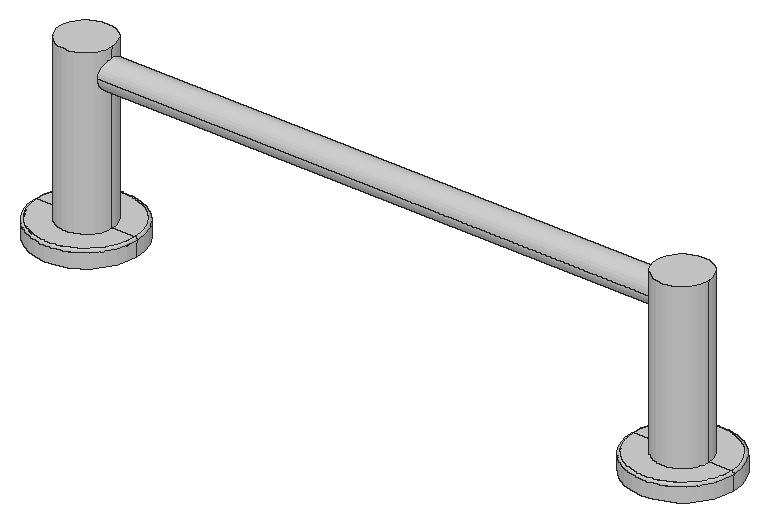
Revit family "LIANO II HAND TOWEL RAIL", category Specialty Equipment, host Face, Revit 2020
Family settings
  Host = Face
  Round Connector Dimension = Use Radius
  Part Type = Normal
  OmniClass Number = 23.40.20.21.27
  OmniClass Title = Towel Bars
  Cut with Voids When Loaded = No
  Shared = No
  Room Calculation Point = No
Parameters (values of type "LIANO II HAND TOWEL RAIL - CHROME")
  URL = "https://www.caroma.com.au/"
  Model = "96444C"
  Material_Base = GWA_Metal-Chrome
  Manufacturer = "GWA Bathrooms & Kitchens"  # constant formula
  Description = "LIANO II HAND TOWEL RAIL - CHROME"
  Default Elevation = 1000.00 mm
  CreatedBy_ANZRS = "GWA Bathrooms & Kitchens"  # constant formula
  Assembly Code = "C1030220"
Types (7, lengths in mm): name | Model | Material_Base | Description
  (no name) | "96444C" | GWA_Metal-Chrome | "LIANO II HAND TOWEL RAIL - CHROME"
  LIANO II HAND TOWEL RAIL - CHROME | "96444C" | GWA_Metal-Chrome | "LIANO II HAND TOWEL RAIL - CHROME"
  LIANO II HAND TOWEL RAIL - MATTE BLACK | "96444B" | GWA-Metal-Black | "LIANO II HAND TOWEL RAIL - MATTE BLACK"
  LIANO II HAND TOWEL RAIL - BRUSHED NICKEL | "96444BN" | GWA_Metal-Brushed-Nickel | "LIANO II HAND TOWEL RAIL - BRUSHED NICKEL"
  LIANO II HAND TOWEL RAIL - BRUSHED BRASS | "96444BB" | GWA_Metal-Brushed-Brass | "LIANO II HAND TOWEL RAIL - BRUSHED BRASS"
  LIANO II HAND TOWEL RAIL - GUNMETAL | "96444GM" | GWA-Metal-Gunmetal Grey | "LIANO II HAND TOWEL RAIL - GUNMETAL"
  LIANO II HAND TOWEL RAIL - BRUSHED BRONZE | "96444BBZ" | GWA_Metal-Brushed-Bronze | "LIANO II HAND TOWEL RAIL - BRUSHED BRONZE"
Reference planes
  plane 1 "Center (Front/Back)": y = 0
  plane 2: z = 0
  plane 3 "Center (Left/Right)": x = 0
Forms (mm)
  Revolve 1, solid, material "GWA_Metal-Chrome" <- "Material_Base"
    sketch origin (125, 0, 0) x (1, 0, 0) y (0, 0, 1)
      loop
        line (0, 7) -> (0, 0) -> (21.5, 0) -> (21.5, 6)
        arc (21.5, 6) -> (21.207, 6.707) -> (20.5, 7) r 1
        line (20.5, 7) -> (0, 7)
      axis (0, 0) -> (0, 7)
    angle from 0 to 360
  Extrusion 2, solid, material "GWA_Metal-Chrome" <- "Material_Base"
    sketch origin (125, 0, 0) x (1, 0, 0) y (0, 1, 0)
      loop
        circle (0, 0) r 11
    from 0 to 75
  Revolve 3, solid, material "GWA_Metal-Chrome" <- "Material_Base"
    sketch origin (-125, 0, 0) x (1, 0, 0) y (0, 0, 1)
      loop
        line (0, 7) -> (0, 0) -> (21.5, 0) -> (21.5, 6)
        arc (21.5, 6) -> (21.207, 6.707) -> (20.5, 7) r 1
        line (20.5, 7) -> (0, 7)
      axis (0, 0) -> (0, 7)
    angle from 0 to 360
  Extrusion 4, solid, material "GWA_Metal-Chrome" <- "Material_Base"
    sketch origin (-125, 0, 0) x (1, 0, 0) y (0, 1, 0)
      loop
        circle (0, 0) r 11
    from 0 to 75
  Extrusion 5, solid, material "GWA_Metal-Chrome" <- "Material_Base"
    sketch origin (0, 0, 0) x (0, 1, 0) y (0, 0, 1)
      loop
        circle (0, 65) r 6
    from -125 to 125
Cuts and joins
  joined: Revolve 1, Extrusion 2, Revolve 3, Extrusion 4, Extrusion 5
Lines and regions (mm)
  Masking region 1
    outline origin (0, 0, 0) x (1, 0, 0) y (0, 1, 0)
      loop
        arc (104.354, -6) -> (146.5, 0) -> (104.354, 6) r 21.5
        line (104.354, 6) -> (-104.354, 6)
        arc (-104.354, 6) -> (-146.5, 0) -> (-104.354, -6) r 21.5
        line (-104.354, -6) -> (104.354, -6)
  Masking region 2
    outline origin (0, 0, 0) x (1, 0, 0) y (0, 0, 1)
      loop
        line (145.5, 7) -> (136, 7) -> (136, 75) -> (114, 75) -> (114, 71) -> (-114, 71) -> (-114, 75) -> (-136, 75) -> (-136, 7) -> (-145.5, 7)
        arc (-145.5, 7) -> (-146.207, 6.707) -> (-146.5, 6) r 1
        line (-146.5, 6) -> (-146.5, 0) -> (-103.5, 0) -> (-103.5, 6)
        arc (-103.5, 6) -> (-103.793, 6.707) -> (-104.5, 7) r 1
        line (-104.5, 7) -> (-114, 7) -> (-114, 59) -> (114, 59) -> (114, 7) -> (104.5, 7)
        arc (104.5, 7) -> (103.793, 6.707) -> (103.5, 6) r 1
        line (103.5, 6) -> (103.5, 0) -> (146.5, 0) -> (146.5, 6)
        arc (146.5, 6) -> (146.207, 6.707) -> (145.5, 7) r 1
  Masking region 3
    outline origin (300, 0, 0) x (0, 1, 0) y (0, 0, 1)
      loop
        line (11, 7) -> (11, 75) -> (-11, 75) -> (-11, 7) -> (-20.5, 7)
        arc (-20.5, 7) -> (-21.207, 6.707) -> (-21.5, 6) r 1
        line (-21.5, 6) -> (-21.5, 0) -> (21.5, 0) -> (21.5, 6)
        arc (21.5, 6) -> (21.207, 6.707) -> (20.5, 7) r 1
        line (20.5, 7) -> (11, 7)
  symbolic lines
    curve 1: arc (-104.354, 6, 0) -> (-146.5, 0, 0) -> (-104.354, -6, 0) r 21.5
    curve 2: arc (104.354, -6, 0) -> (146.5, 0, 0) -> (104.354, 6, 0) r 21.5
    curve 3: circle (-125, 0, 0) r 11 normal (0, 0, 1)
    curve 4: circle (125, 0, 0) r 11 normal (0, 0, 1)
    curve 5: line (115.78, 6, 0) -> (-115.78, 6, 0)
    curve 6: line (115.78, -6, 0) -> (-115.78, -6, 0)
    curve 7: line (146.5, 0, 0) -> (146.5, 0, 6)
    curve 8: line (145.5, 0, 7) -> (104.5, 0, 7)
    curve 9: line (103.5, 0, 0) -> (103.5, 0, 6)
    curve 10: line (103.5, 0, 0) -> (146.5, 0, 0)
    curve 11: line (136, 0, 75) -> (114, 0, 75)
    curve 12: line (114, 0, 75) -> (114, 0, 71)
    curve 13: line (136, 0, 75) -> (136, 0, 7)
    curve 14: line (114, 0, 59) -> (-114, 0, 59)
    curve 15: line (114, 0, 71) -> (-114, 0, 71)
    curve 16: arc (146.5, 0, 6) -> (146.207, 0, 6.707) -> (145.5, 0, 7) r 1
    curve 17: arc (104.5, 0, 7) -> (103.793, 0, 6.707) -> (103.5, 0, 6) r 1
    curve 18: arc (114, 0, 71) -> (115.78, 0, 65) -> (114, 0, 59) r 11
    curve 19: line (-146.5, 0, 0) -> (-146.5, 0, 6)
    curve 20: line (-145.5, 0, 7) -> (-104.5, 0, 7)
    curve 21: line (-103.5, 0, 0) -> (-103.5, 0, 6)
    curve 22: line (-103.5, 0, 0) -> (-146.5, 0, 0)
    curve 23: line (-136, 0, 75) -> (-114, 0, 75)
    curve 24: line (-114, 0, 75) -> (-114, 0, 71)
    curve 25: line (-136, 0, 75) -> (-136, 0, 7)
    curve 26: arc (-146.5, 0, 6) -> (-146.207, 0, 6.707) -> (-145.5, 0, 7) r 1
    curve 27: arc (-104.5, 0, 7) -> (-103.793, 0, 6.707) -> (-103.5, 0, 6) r 1
    curve 28: arc (-114, 0, 71) -> (-115.78, 0, 65) -> (-114, 0, 59) r 11
    curve 29: line (114, 0, 59) -> (114, 0, 7)
    curve 30: line (-114, 0, 59) -> (-114, 0, 7)
    curve 31: line (300, -21.5, 0) -> (300, 21.5, 0)
    curve 32: line (300, 21.5, 0) -> (300, 21.5, 6)
    curve 33: line (300, 20.5, 7) -> (300, -20.5, 7)
    curve 34: line (300, -21.5, 6) -> (300, -21.5, 0)
    curve 35: line (300, -11, 75) -> (300, 11, 75)
    curve 36: line (300, 11, 75) -> (300, 11, 7)
    curve 37: line (300, -11, 75) -> (300, -11, 7)
    curve 38: arc (300, -21.5, 6) -> (300, -21.207, 6.707) -> (300, -20.5, 7) r 1
    curve 39: arc (300, 20.5, 7) -> (300, 21.207, 6.707) -> (300, 21.5, 6) r 1
Dimensions and locks
  aligned and locked: plane 2 to host face
  aligned and locked: level to host face
